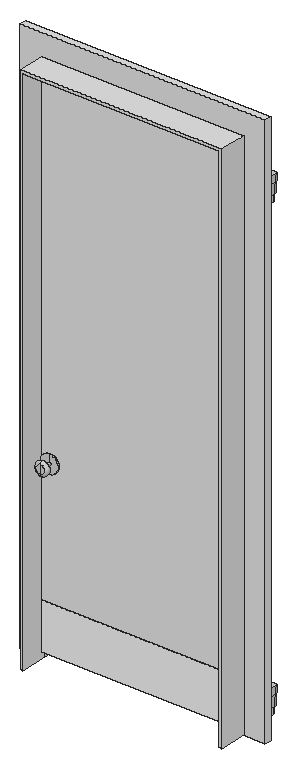
Revit family "Walk_in_Door-ELT_Custom_Coolers-Single_Swing-Left_Hinge", category Doors, host Wall, Revit 2025
Family settings
  Host = Wall
  OmniClass Number = 23.30.10.00
  OmniClass Title = Doors
  Always vertical = Yes
  Cut with Voids When Loaded = No
  Shared = No
  Room Calculation Point = No
Parameters (values of type "47" x 120" Cooler, Jamb Frame")
  URL = "https://eltcoolerdoors.com/"
  Top Latch [instance] = yes
  Thickness = 4"
  Specification = ""
  SpecWizard = ""
  Sales Information = ""
  Rough Width = if(Plug Frame, (Width - 3"), (Width - 1"))  # 46"
  Rough Height = if(Plug Frame, Height, (Height + 1"))  # 121"
  Product Page URL = "https://eltcoolerdoors.com/collections/all/walk-in-cooler-door?grid_list=grid-view"
  Product Data = ""
  Plug Frame = no
  Panel Material = ELT_White Stucco Embossed
  Model = "ELT 47\" x 120\""
  Manufacturer Email = "sales@walkincoolerdoor.com"  # constant formula
  Manufacturer Address = "13770 Nelson st - Detroit MI 48227"  # constant formula
  Manufacturer = "ELT Custom Coolers"  # constant formula
  Kick Plate Height [instance] = 12"
  Jamb Frame = not(Plug Frame)  # yes
  Installation-Fabrication = ""
  Description = "Walk in Swing Cooler Door 47\"x 120\" Prehung with a Retrofit Heated & Jamb Frame for New Construction. Left Hinge"
  Green Building-LEED = ""
  Function = Interior
  Frame Width = 5 1/2"  # constant formula
  Height = 120"
  Wall Closure = By host
  Width = 47"
  Frame Thickness = if(Plug Frame, 2", 1 1/2")  # 1 1/2"
  Frame Material = ELT_White Stucco Embossed
  Define Thermal Properties by = Schematic Type
  Copyright = "© 2024 ARCAT"  # constant formula
  Construction Details = ""
  CAD Details = ""
  Analytic Construction = "<None>"
Types (18): name | Rough Width | Rough Height | Product Page URL | Plug Frame | Model | Jamb Frame | Description | Height | Width | Frame Thickness
  72" x 84" Cooler, Jamb Frame | 71" | 85" | "https://eltcoolerdoors.com/collections/all/walk-in-cooler-door?grid_list=grid-view" | no | "ELT 72\" x 84\"" | yes | "Walk in Swing Cooler Door 72\"x 84\" Prehung with a Retrofit Heated & Jamb Frame for New Construction. Left Hinge" | 84" | 72" | 1 1/2"
  72" x 84" Cooler, Plug Frame | 69" | 84" | "https://eltcoolerdoors.com/collections/all/walk-in-cooler-door?grid_list=grid-view" | yes | "ELT 72\" x 84\"" | no | "Walk in Swing Cooler Door 72\"x 84\" Prehung with a Retrofit Heated & Plug Frame for Replacement applications. Left Hinge" | 84" | 72" | 2"
  60" x 78" Cooler, Jamb Frame | 59" | 79" | "https://eltcoolerdoors.com/collections/all/walk-in-cooler-door?grid_list=grid-view" | no | "ELT 60\" x 78\"" | yes | "Walk in Swing Cooler Door 60\"x 78\" Prehung with a Retrofit Heated & Jamb Frame for New Construction. Left Hinge" | 78" | 60" | 1 1/2"
  60" x 78" Cooler, Plug Frame | 57" | 78" | "https://eltcoolerdoors.com/collections/all/walk-in-cooler-door?grid_list=grid-view" | yes | "ELT 60\" x 78\"" | no | "Walk in Swing Cooler Door 60\"x 78\" Prehung with a Retrofit Heated & Plug Frame for Replacement applications. Left Hinge" | 78" | 60" | 2"
  47" x 78" Cooler, Jamb Frame | 46" | 79" | "https://eltcoolerdoors.com/collections/all/walk-in-cooler-door?grid_list=grid-view" | no | "ELT 47\" x 78\"" | yes | "Walk in Swing Cooler Door 47\"x 78\" Prehung with a Retrofit Heated & Jamb Frame for New Construction. Left Hinge" | 78" | 47" | 1 1/2"
  47" x 78" Cooler, Plug Frame | 44" | 78" | "https://eltcoolerdoors.com/collections/all/walk-in-cooler-door?grid_list=grid-view" | yes | "ELT 47\" x 78\"" | no | "Walk in Swing Cooler Door 47\"x 78\" Prehung with a Retrofit Heated & Plug Frame for Replacement applications. Left Hinge" | 78" | 47" | 2"
  47" x 120" Cooler, Jamb Frame | 46" | 121" | "https://eltcoolerdoors.com/collections/all/walk-in-cooler-door?grid_list=grid-view" | no | "ELT 47\" x 120\"" | yes | "Walk in Swing Cooler Door 47\"x 120\" Prehung with a Retrofit Heated & Jamb Frame for New Construction. Left Hinge" | 120" | 47" | 1 1/2"
  47" x 120" Cooler, Plug Frame | 44" | 120" | "https://eltcoolerdoors.com/collections/all/walk-in-cooler-door?grid_list=grid-view" | yes | "ELT 47\" x 120\"" | no | "Walk in Swing Cooler Door 47\"x 120\" Prehung with a Retrofit Heated & Plug Frame for Replacement applications. Left Hinge" | 120" | 47" | 2"
  36" x 78" Cooler, Jamb Frame | 35" | 79" | "https://eltcoolerdoors.com/collections/all/walk-in-cooler-door?grid_list=grid-view" | no | "ELT 36\" x 78\"" | yes | "Walk in Swing Cooler Door 36\"x 78\" Prehung with a Retrofit Heated & Jamb Frame for New Construction. Left Hinge" | 78" | 36" | 1 1/2"
  36" x 78" Cooler, Plug Frame | 33" | 78" | "https://eltcoolerdoors.com/collections/all/walk-in-cooler-door?grid_list=grid-view" | yes | "ELT 36\" x 78\"" | no | "Walk in Swing Cooler Door 36\"x 78\" Prehung with a Retrofit Heated & Plug Frame for Replacement applications. Left Hinge" | 78" | 36" | 2"
  72" x 84" Freezer, Jamb Frame | 71" | 85" | "https://eltcoolerdoors.com/collections/all/walk-in-freezer-door?grid_list=grid-view" | no | "ELT 72\" x 84\"" | yes | "Walk in Swing Freezer Door 72\"x 84\" Prehung with a Retrofit Heated & Jamb Frame for New Construction. Left Hinge" | 84" | 72" | 1 1/2"
  72" x 84" Freezer, Plug Frame | 69" | 84" | "https://eltcoolerdoors.com/collections/all/walk-in-freezer-door?grid_list=grid-view" | yes | "ELT 72\" x 84\"" | no | "Walk in Swing Freezer Door 72\"x 84\" Prehung with a Retrofit Heated & Plug Frame for Replacement applications. Left Hinge" | 84" | 72" | 2"
  60" x 78" Freezer, Jamb Frame | 59" | 79" | "https://eltcoolerdoors.com/collections/all/walk-in-freezer-door?grid_list=grid-view" | no | "ELT 60\" x 78\"" | yes | "Walk in Swing Freezer Door 60\"x 78\" Prehung with a Retrofit Heated & Jamb Frame for New Construction. Left Hinge" | 78" | 60" | 1 1/2"
  60" x 78" Freezer, Plug Frame | 57" | 78" | "https://eltcoolerdoors.com/collections/all/walk-in-freezer-door?grid_list=grid-view" | yes | "ELT 60\" x 78\"" | no | "Walk in Swing Freezer Door 60\"x 78\" Prehung with a Retrofit Heated & Plug Frame for Replacement applications. Left Hinge" | 78" | 60" | 2"
  47" x 78" Freezer, Jamb Frame | 46" | 79" | "https://eltcoolerdoors.com/collections/all/walk-in-freezer-door?grid_list=grid-view" | no | "ELT 47\" x 78\"" | yes | "Walk in Swing Freezer Door 47\"x 78\" Prehung with a Retrofit Heated & Jamb Frame for New Construction. Left Hinge" | 78" | 47" | 1 1/2"
  47" x 78" Freezer, Plug Frame | 44" | 78" | "https://eltcoolerdoors.com/collections/all/walk-in-freezer-door?grid_list=grid-view" | yes | "ELT 47\" x 78\"" | no | "Walk in Swing Freezer Door 47\"x 78\" Prehung with a Retrofit Heated & Plug Frame for Replacement applications. Left Hinge" | 78" | 47" | 2"
  36" x 78" Freezer, Jamb Frame | 35" | 79" | "https://eltcoolerdoors.com/collections/all/walk-in-freezer-door?grid_list=grid-view" | no | "ELT 36\" x 78\"" | yes | "Walk in Swing Freezer Door 36\"x 78\" Prehung with a Retrofit Heated & Jamb Frame for New Construction. Left Hinge" | 78" | 36" | 1 1/2"
  36" x 78" Freezer, Plug Frame | 33" | 78" | "https://eltcoolerdoors.com/collections/all/walk-in-freezer-door?grid_list=grid-view" | yes | "ELT 36\" x 78\"" | no | "Walk in Swing Freezer Door 36\"x 78\" Prehung with a Retrofit Heated & Plug Frame for Replacement applications. Left Hinge" | 78" | 36" | 2"
Reference planes (in)
  plane 1 "Center (Front/Back)": y = 0
  plane 2 "Center (Left/Right)": x = 0
  plane 3 "Left": x = -23.5
  plane 4 "Right": x = 23.5
  plane 5 "Top": z = 120
  plane 6 "Exterior": y = 3
  plane 7 "Interior": y = -3
  plane 8: x = -23
  plane 9: z = 121
  plane 10: x = 23
  plane 11: z = 125.5
  plane 12: x = 27.5
  plane 13: x = -27.5
  plane 14: y = 4.5
  plane 15: y = 0.375
  plane 16: z = 60
  plane 17: x = 22
  plane 18: x = -22
Forms (in)
  Extrusion 1, solid, material "ELT_White Stucco Embossed" <- "Frame Material"
    sketch origin (-31.32148, 4.5, 48) x (-1, 0, 0) y (0, 0, 1)
      loop
        line (-58.82148, 77.5) -> (-58.82148, -48) -> (-53.32148, -48) -> (-53.32148, 72) -> (-9.32148, 72) -> (-9.32148, -48) -> (-3.82148, -48) -> (-3.82148, 77.5) -> (-58.82148, 77.5)
    from -1.5 to 0
  Extrusion 2, solid, material "ELT_White Stucco Embossed" <- "Frame Material", visible <- "Jamb Frame"
    sketch origin (0, 0, 0) x (1, 0, 0) y (0, 0, 1)
      loop
        line (22.625, 0) -> (22.625, 120.625) -> (-22.625, 120.625) -> (-22.625, 0) -> (-22, 0) -> (-22, 120) -> (22, 120) -> (22, 0) -> (22.625, 0)
    from -3 to 3
Lines and regions (in)
  Opening 1
    outline origin (-90, -3, 0) x (1, 0, 0) y (0, 0, 1)
      loop
        line (67, 0) -> (113, 0) -> (113, 121) -> (67, 121) -> (67, 0)
  Masking region 1
    outline origin (0, 0, 0) x (1, 0, 0) y (0, 1, 0)
      loop
        line (-27.5, 4.5) -> (-27.5, 3) -> (-22, 3) -> (-22, 4.5) -> (-27.5, 4.5)
      loop
        line (22, 4.5) -> (22, 3) -> (27.5, 3) -> (27.5, 4.5) -> (22, 4.5)
  Masking region 2, visible <- "Jamb Frame"
    outline origin (0, 0, 0) x (1, 0, 0) y (0, 1, 0)
      loop
        line (-22, -3) -> (-22, 3) -> (-22.625, 3) -> (-22.625, -3) -> (-22, -3)
      loop
        line (22, 3) -> (22, -3) -> (22.625, -3) -> (22.625, 3) -> (22, 3)
Text (in)
  text "Exterior" at (-74.96733, 27.31104, 0), in view "Ref. Level"
  text "Interior" at (-74.96733, -25.14366, 0), in view "Ref. Level"
  text "Exterior" at (0, 40.15149, 123.01588), in view "Right"
  text "Interior" at (0, -64.39139, 123.01588), in view "Right"
  text "Interior" at (0, -31.01599, 123.00693), in view "Left"
  text "Exterior" at (0, 54.57065, 123.00693), in view "Left"
Dimensions and locks (in)
  "Height": level to plane 5 "Top"
  "Width": plane 3 "Left" to plane 4 "Right"
  "Rough Height": plane 9 to level
  equal spacing: plane 10, plane 2 "Center (Left/Right)", plane 8
  "Rough Width": plane 10 to plane 8
  "Frame Width": plane 17 to plane 12
  "Frame Width": plane 13 to plane 18
  "Frame Thickness": plane 14 to plane 6 "Exterior"
  equal spacing: plane 8, plane 2 "Center (Left/Right)", plane 10
  equal spacing: plane 3 "Left", plane 2 "Center (Left/Right)", plane 4 "Right"
  equal spacing: level, plane 16, plane 5 "Top"
  locked: plane 4 "Right" to plane 12 at 4
  locked: plane 13 to plane 3 "Left" at 4
  "Frame Width": plane 5 "Top" to plane 11
  plane 13 to plane 12 = 55"
  locked: plane 18 to Extrusion 2 sketch curve at 0.625
  locked: plane 17 to Extrusion 2 sketch curve at 0.625
  locked: plane 5 "Top" to Extrusion 2 sketch curve at 0.625
  level to plane 11 = 125 1/2"
  aligned and locked: Opening 1 sketch curve to level
  aligned and locked: plane 6 "Exterior" to host wall
  aligned and locked: plane 7 "Interior" to host wall
  aligned and locked: plane 8 to Opening 1 sketch curve
  aligned and locked: Opening 1 sketch curve to plane 9
  aligned and locked: Opening 1 sketch curve to plane 10
  aligned and locked: Extrusion 1 sketch curve to plane 12
  aligned and locked: plane 11 to Extrusion 1 sketch curve
  aligned and locked: Extrusion 1 sketch curve to plane 13
  aligned and locked: level to Extrusion 1 sketch curve  (x2)
  aligned and locked: plane 6 "Exterior" to Extrusion 1
  aligned and locked: plane 14 to Extrusion 1
  aligned and locked: level to Extrusion 2 sketch curve
  aligned and locked: host wall to Extrusion 2
  aligned and locked: plane 7 "Interior" to Extrusion 2
  aligned and locked: nested 1 to plane 2 "Center (Left/Right)"
  aligned and locked: nested 1 to plane 14
  aligned and locked: plane 16 to nested 1
  aligned and locked: plane 12 to Masking region 1 sketch curve
  aligned and locked: Masking region 1 sketch curve to plane 6 "Exterior"  (x2)
  aligned and locked: Masking region 1 sketch curve to plane 14  (x2)
  aligned and locked: Masking region 1 sketch curve to plane 13
  aligned and locked: Masking region 2 sketch curve to plane 6 "Exterior"
  aligned and locked: plane 6 "Exterior" to Masking region 2 sketch curve
  aligned and locked: plane 7 "Interior" to Masking region 2 sketch curve
  aligned and locked: Masking region 2 sketch curve to plane 7 "Interior"
  aligned and locked: Extrusion 1 sketch curve to plane 18
  aligned and locked: Extrusion 1 sketch curve to plane 17
  aligned and locked: Extrusion 2 sketch curve to plane 18
  aligned and locked: Extrusion 2 sketch curve to plane 17
  aligned and locked: Extrusion 2 sketch curve to plane 5 "Top"
  aligned and locked: Extrusion 1 sketch curve to plane 5 "Top"
  aligned and locked: Masking region 1 sketch curve to plane 18
  aligned and locked: Masking region 1 sketch curve to plane 17
  aligned and locked: Masking region 2 sketch curve to plane 18
  aligned and locked: Masking region 2 sketch curve to Extrusion 2  (x2)
  aligned and locked: Masking region 2 sketch curve to plane 17
Automatic sketch dimensions
  Extrusion 2 sketch curve to level = 0"
Nested families (in)
  nested 1: "Swing Door Panel" at (0, 4.5, 60) x (-1, 0, 0) z (0, 1, 0), Kick Plate Height <- "Kick Plate Height", Panel Material <- "Panel Material", Door Height <- "Height", Door Width <- "Width", Top Latch <- "Top Latch", type "Walk-in Swing Panel Door"
    with Top Latch yes, Panel Material ELT_White Stucco Embossed, Kick Plate Height 12", Hinge 24" no, Hinge 18" yes, Door Width 47", Door Height 120"
Definition of nested family "Swing Door Panel"
  Parameters (values of type "Walk-in Swing Panel Door")
    Top Latch Offset = 9 3/4"  # constant formula
    Top Latch [instance] = yes
    Rough Height = 78"
    Panel Material [instance] = none
    Door Width [instance] = 36"
    Door Height [instance] = 81"
    Kick Plate Height [instance] = 12"
    Hinge 24" [instance] = Door Width > 48"  # no
    Hinge 18" [instance] = Door Width < 48"  # yes
    Door Knob Handle = yes
    Define Thermal Properties by = 1
    Default Elevation = 48"
    Analytic Construction = "<None>"
  Reference planes (in)
    plane 1 "Center (Front/Back)": y = 0
    plane 2: z = 0
    plane 3 "Center (Left/Right)": x = 0
    plane 4: y = -40.5
    plane 5: x = -18
    plane 6: y = 42
    plane 7: y = -40
    plane 8: x = 18
    plane 9: y = -38.5
    plane 10: x = -16
    plane 11: x = 16
    plane 12: y = 40.5
    plane 13: z = -3
    plane 14: z = 1
    plane 15: z = 1.75
    plane 16: y = -28
    plane 17: x = -20.5
    plane 18: z = 2.25
    plane 19: y = -31.75
    plane 20: x = 14
    plane 21: y = 32.25
    plane 22: y = 4.5
    plane 23: y = 0
  Forms (in)
    Extrusion 1, solid, material <- "Panel Material"
      sketch origin (0, 0, 0) x (1, 0, 0) y (0, 1, 0)
        loop
          line (-16, -38.5) -> (16, -38.5) -> (16, 40.5) -> (-16, 40.5) -> (-16, -38.5)
      from 0 to -3
    Extrusion 2, solid, material <- "Panel Material"
      sketch origin (0, 0, 0) x (1, 0, 0) y (0, 1, 0)
        loop
          line (-18, 42) -> (-18, -40) -> (18, -40) -> (18, 42) -> (-18, 42)
      from 0 to 1
    Extrusion 3, solid
      sketch origin (-30.90712, -28, 48) x (-1, 0, 0) y (0, 0, 1)
        loop
          line (-12.90712, -47) -> (-12.90712, -46.96875) -> (-48.90712, -46.96875) -> (-48.90712, -47) -> (-12.90712, -47)
        loop
          line (-14.90712, -51) -> (-46.90712, -51) -> (-46.90712, -51.03125) -> (-14.90712, -51.03125) -> (-14.90712, -51)
      from 0 to -12
    Extrusion 4, void
      sketch origin (0, 0, 0) x (0, 1, 0) y (0, 0, 1)
        loop
          line (-38.5, -3.03125) -> (-38.5, -3) -> (-40, -3) -> (-40, -3.03125) -> (-38.5, -3.03125)
      from -16 to 16
    Revolve 5, solid, visible <- "Door Knob Handle"
      sketch origin (14, 10.88095, 48) x (0, 1, 0) y (0, 0, 1)
        loop
          line (-10.88095, -51) -> (-12.88095, -51) -> (-12.88095, -51.25) -> (-11.13095, -51.25) -> (-11.13095, -52.75) -> (-11.88095, -52.75)
          arc (-11.88095, -52.75) -> (-12.38095, -53.25) -> (-11.88095, -53.75) r 0.5
          line (-11.88095, -53.75) -> (-10.88095, -53.75) -> (-10.88095, -51)
        axis (-10.88095, -51) -> (-10.88095, -53.75)
      angle from 0 to 360
    Extrusion 6, solid
      sketch origin (-19.75, 54.34998, 1) x (0, 1, 0) y (-1, 0, 0)
        loop
          line (-51.59998, -38.75) -> (-51.59998, -40.75) -> (-48.09998, -40.75) -> (-48.09998, -38.75) -> (-51.59998, -38.75)
      from -1 to 0.25
    Extrusion 7, solid
      sketch origin (0, 0, 0) x (1, 0, 0) y (0, 0, 1)
        loop
          line (18.5, 1) -> (18.5, 0) -> (21.375, 0) -> (21.375, 2.25) -> (19.25, 2.25) -> (19.25, 2) -> (21.1259, 2) -> (21.1259, 1) -> (18.5, 1)
      from -33.5 to -31
    Extrusion 8, solid
      sketch origin (0, 0, 0) x (1, 0, 0) y (0, 0, 1)
        loop
          line (20.5, 1) -> (20.5, 1.75) -> (17.5, 1.75) -> (17.5, 2.5) -> (11.5, 2.5) -> (11.5, 1) -> (20.5, 1)
      from -33 to -31.5
  Cuts and joins
    joined: Extrusion 1, Extrusion 2
    Extrusion 4 cuts Extrusion 3
  Lines and regions (in)
    Masking region 1
      outline origin (0, 0, 0) x (1, 0, 0) y (0, 0, 1)
        loop
          line (-18, 1) -> (-18, 0) -> (-16, 0) -> (-16, -3) -> (16, -3) -> (16, 0) -> (18, 0) -> (18, 1) -> (-18, 1)
    symbolic lines
      curve 1: line (-18, 0, 0) -> (18, 42, 0)
      curve 2: line (-18, 0, 0) -> (18, -40, 0)
      curve 3: arc (18, 0, 2.25) -> (6.72361, 0, 29.47361) -> (-20.5, 0, 40.75) r 38.5
      curve 4: line (-20.5, 0, 2.25) -> (-20.5, 0, 40.75)
      curve 5: line (-16, 0, 0) -> (16, 0, 0)
      curve 6: line (18, 0, 2.25) -> (18, 0, 1)
  Dimensions and locks (in)
    equal spacing: plane 12, plane 1 "Center (Front/Back)", plane 4
    "Door Height": plane 12 to plane 4
    equal spacing: plane 5, plane 3 "Center (Left/Right)", plane 8
    "Door Width": plane 5 to plane 8
    locked: plane 7 to plane 4 at 0.5
    locked: plane 6 to plane 12 at 1.5
    locked: plane 11 to plane 8 at 2
    locked: plane 5 to plane 10 at 2
    locked: plane 9 to plane 7 at 1.5
    locked: plane 14 to plane 2 at 1
    locked: plane 14 to plane 13 at 4
    locked: plane 15 to plane 14 at 0.75
    "Kick Plate Height": plane 16 to plane 7
    locked: Extrusion 3 sketch curve to plane 14 at 0.03125
    locked: plane 13 to Extrusion 3 sketch curve at 0.03125
    locked: plane 17 to plane 5 at 2.5
    locked: plane 19 to plane 4 at 8.75
    locked: plane 18 to plane 2 at 2.25
    Revolve 5 sketch curve to Revolve 5 sketch curve to Revolve 5 sketch curve to plane 13 = 1", 1 1/2", 1/4"
    plane 20 to plane 8 = 4"
    locked: plane 6 to plane 21 at 9.75
    plane 22 to plane 4 = 45"
    locked: Extrusion 6 sketch curve to Extrusion 6 sketch curve at 3.5
    equal spacing: Extrusion 6 sketch curve, plane 22, Extrusion 6 sketch curve
    plane 8 to Extrusion 6 sketch curve to Extrusion 6 sketch curve = 1" locked, 2" locked
    Extrusion 7 sketch curve to Extrusion 7 sketch curve to Extrusion 7 sketch curve = 0.2491" locked, 1.8759" locked
    plane 18 to Extrusion 7 sketch curve = 1/4"
    locked: plane 8 to Extrusion 7 sketch curve at 0.5
    Extrusion 8 sketch curve to Extrusion 8 sketch curve to Extrusion 8 sketch curve = 3" locked, 6"
    locked: Extrusion 8 sketch curve to plane 8 at 0.5
    locked: Extrusion 8 sketch curve to plane 14 at 1.5
    equal spacing: Extrusion 8, plane 21, Extrusion 8
    locked: Extrusion 8 to Extrusion 8 at 1.5
    equal spacing: Extrusion 7, plane 21, Extrusion 7
    locked: Extrusion 7 to Extrusion 7 at 2.5
    locked: plane 23 to plane 4 at 40.5
    plane 23 to Revolve 5 sketch curve to Revolve 5 sketch curve to Revolve 5 sketch curve = 1/4" locked, 3/4" locked, 1" locked
    aligned and locked: plane 2 to level
    aligned and locked: Extrusion 1 sketch curve to plane 9
    aligned and locked: Extrusion 1 sketch curve to plane 10
    aligned and locked: Extrusion 1 sketch curve to plane 11
    aligned and locked: Extrusion 1 sketch curve to plane 12
    aligned and locked: Extrusion 1 to plane 13
    aligned and locked: Extrusion 2 sketch curve to plane 6
    aligned and locked: plane 8 to Extrusion 2 sketch curve
    aligned and locked: Extrusion 2 sketch curve to plane 5
    aligned and locked: Extrusion 2 sketch curve to plane 7
    aligned and locked: Extrusion 2 to plane 2
    aligned and locked: plane 14 to Extrusion 2
    aligned and locked: plane 1 "Center (Front/Back)" to curve 2
    aligned and locked: plane 5 to curve 2
    aligned and locked: plane 7 to curve 2
    aligned and locked: plane 8 to curve 2
    aligned and locked: plane 8 to curve 1
    aligned and locked: plane 6 to curve 1
    aligned and locked: Extrusion 3 sketch curve to plane 14
    aligned and locked: Extrusion 3 sketch curve to plane 5
    aligned and locked: plane 8 to Extrusion 3 sketch curve
    aligned and locked: Extrusion 3 sketch curve to plane 10
    aligned and locked: Extrusion 3 sketch curve to plane 11
    aligned and locked: Extrusion 3 sketch curve to plane 13
    aligned and locked: Extrusion 3 to plane 7
    aligned and locked: plane 9 to Extrusion 4 sketch curve
    aligned and locked: plane 7 to Extrusion 4 sketch curve
    aligned and locked: plane 13 to Extrusion 4 sketch curve
    aligned and locked: Extrusion 4 sketch curve to Extrusion 3
    aligned and locked: Extrusion 4 to plane 10
    aligned and locked: plane 11 to Extrusion 4
    aligned and locked: nested 1 to plane 17
    aligned and locked: nested 2 to plane 17
    aligned and locked: curve 4 to plane 17
    aligned and locked: plane 18 to curve 4
    aligned and locked: plane 18 to curve 3
    aligned and locked: nested 2 to plane 19
    aligned and locked: nested 4 to plane 17
    aligned and locked: nested 3 to plane 17
    aligned and locked: nested 4 to plane 19
    aligned and locked: plane 13 to Revolve 5 sketch curve
    aligned and locked: nested 5 to plane 8
    aligned and locked: Masking region 1 sketch curve to plane 5
    aligned and locked: Masking region 1 sketch curve to plane 10
    aligned and locked: Masking region 1 sketch curve to plane 2
    aligned and locked: Masking region 1 sketch curve to plane 13
    aligned and locked: Masking region 1 sketch curve to plane 11
    aligned and locked: plane 8 to Masking region 1 sketch curve
    aligned and locked: Masking region 1 sketch curve to plane 14
    aligned and locked: curve 5 to plane 2
    aligned and locked: plane 10 to curve 5
    aligned and locked: plane 11 to curve 5
    aligned and locked: plane 8 to curve 6
    aligned and locked: plane 14 to curve 6
    aligned and locked: nested 6 to plane 1 "Center (Front/Back)"
    aligned and locked: nested 6 to plane 17
    aligned and locked: plane 21 to nested 3
    aligned and locked: plane 21 to nested 1
    aligned and locked: plane 2 to Extrusion 7 sketch curve
    aligned and locked: plane 18 to Extrusion 7 sketch curve
    aligned and locked: plane 14 to Extrusion 7 sketch curve
    aligned and locked: plane 14 to Extrusion 8 sketch curve
    aligned and locked: Extrusion 8 sketch curve to plane 15
    aligned and locked: plane 23 to nested 5
    aligned and locked: plane 23 to Revolve 5 sketch curve  (x2)
  Automatic sketch dimensions
    Masking region 1 sketch curve to level = 0"
    Revolve 5 sketch curve to Revolve 5 sketch curve = 18 1/4"
    plane 18 to Revolve 5 sketch curve = 90.02586"
    Extrusion 7 sketch curve to plane 8 = 1 1/4"
  Nested families (in)
    nested 1: "Spring Assisted Hinge" at (-20.5, 32.25, 0) x (-1, 0, 0) z (0, 0, 1), visible <- "Hinge 18"", type "18in"
    nested 2: "Spring Assisted Hinge" at (-20.5, -31.75, 0) x (-1, 0, 0) z (0, 0, 1), visible <- "Hinge 18"", type "18in"
    nested 3: "Spring Assisted Hinge" at (-20.5, 32.25, 0) x (-1, 0, 0) z (0, 0, 1), visible <- "Hinge 24"", type "24in"
    nested 4: "Spring Assisted Hinge" at (-20.5, -31.75, 0) x (-1, 0, 0) z (0, 0, 1), visible <- "Hinge 24"", type "24in"
    nested 5: "Radial Latch" at (19.07813, 0, 0) x (-1, 0, 0) z (0, 0, 1), type "Radial Latch"
    nested 6: "Spring Assisted Hinge" at (-20.5, 0, 0) x (-1, 0, 0) z (0, 0, 1), visible <- "Hinge 24"", type "24in"
  Definition of nested family "Spring Assisted Hinge"
    Parameters (values of type "18in")
      Hinge Length = 9"
      Default Elevation = 0"
    Types (2): name | Hinge Length
      24in | 24"
      18in | 9"
    Reference planes (in)
      plane 1 "Center (Front/Back)": y = 0
      plane 2: z = 0
      plane 3 "Center (Left/Right)": x = 0
      plane 4: y = 1.4375
      plane 5: y = -1.4375
      plane 6: x = -9
      plane 7: z = 1
      plane 8: x = 1.21875
      plane 9: x = -1.21875
      plane 10: z = 2.25
      plane 11: y = 1.5625
      plane 12: y = -4.09375
      plane 13: x = -4.14241
    Forms (in)
      Extrusion 1, solid
        sketch origin (0, 0, 0) x (1, 0, 0) y (0, 0, 1)
          loop
            line (-1.96875, 1) -> (-0.93797, 1.58327)
            arc (-0.93797, 1.58327) -> (-0.79164, 1.64278) -> (-0.63497, 1.66306) r 0.61526
            line (-0.63497, 1.66306) -> (0, 1.66306)
            arc (0, 1.66306) -> (0.55267, 2.44762) -> (-0.37217, 2.70386) r 0.58694
            line (-0.37217, 2.70386) -> (-1.67496, 1.96667)
            arc (-1.67496, 1.96667) -> (-2.1994, 1.69367) -> (-2.78073, 1.58592) r 2
            line (-2.78073, 1.58592) -> (-9, 1.36328) -> (-9, 1) -> (-1.96875, 1)
        from -1.66296 to 1.72621
      Extrusion 2, void
        sketch origin (0, 0, 0) x (1, 0, 0) y (0, 1, 0)
          loop
            line (-4.14241, 1.4375) -> (-2.01822, 1.4375)
            arc (-2.01822, 1.4375) -> (-1.60354, 1.34039) -> (-1.2751, 1.06926) r 0.93394
            arc (-1.2751, 1.06926) -> (-1.04068, 0.83552) -> (-0.72089, 0.75) r 0.64066
            line (-0.72089, 0.75) -> (1.21875, 0.75) -> (1.21875, 1.88338) -> (-9.48148, 1.88338) -> (-9.48148, -1.88338) -> (1.21875, -1.88338) -> (1.21875, -0.75) -> (-0.72089, -0.75)
            arc (-0.72089, -0.75) -> (-0.99864, -0.81334) -> (-1.22147, -0.99082) r 0.64066
            arc (-1.22147, -0.99082) -> (-1.56151, -1.31821) -> (-2.01822, -1.4375) r 0.93394
            line (-2.01822, -1.4375) -> (-4.14241, -1.4375)
            arc (-4.14241, -1.4375) -> (-6.59293, -1.26043) -> (-9, -0.76808) r 18.96618
            line (-9, -0.76808) -> (-9, 0.76808)
            arc (-9, 0.76808) -> (-6.59293, 1.26043) -> (-4.14241, 1.4375) r 18.96618
        from 0 to 3.36309
      Extrusion 3, solid
        sketch origin (0, 0, 0) x (1, 0, 0) y (0, 1, 0)
          loop
            arc (1.23297, -2.68633) -> (1.15513, -0.72306) -> (0.95784, 1.23182) r 32.2361
            arc (0.95784, 1.23182) -> (0.83149, 1.46812) -> (0.58071, 1.5625) r 0.38039
            line (0.58071, 1.5625) -> (-0.58071, 1.5625)
            arc (-0.58071, 1.5625) -> (-0.83149, 1.46812) -> (-0.95784, 1.23182) r 0.38039
            arc (-0.95784, 1.23182) -> (-1.15517, -0.72364) -> (-1.23298, -2.6875) r 32.2361
            line (-1.23298, -2.6875) -> (-1.23298, -3.44903)
            arc (-1.23298, -3.44903) -> (-1.04414, -3.90492) -> (-0.58826, -4.09375) r 0.64472
            line (-0.58826, -4.09375) -> (0.58826, -4.09375)
            arc (0.58826, -4.09375) -> (1.04413, -3.90492) -> (1.23297, -3.44904) r 0.64471
            line (1.23297, -3.44904) -> (1.23297, -2.68633)
        from 0 to 0.33203
      Extrusion 4, solid
        sketch origin (0, 0, 0) x (1, 0, 0) y (0, 0, 1)
          loop
            arc (0.66382, 2.5) -> (0, 3.16382) -> (-0.66382, 2.5) r 0.66382
            line (-0.66382, 2.5) -> (-0.66382, 0) -> (0.66382, 0) -> (0.66382, 2.5)
        from -0.75 to 0.75
      Revolve 5, solid
        sketch origin (2.55993, -180, 2.25) x (0, -1, 0) y (1, 0, 0)
          loop
            line (-180, -2.55993) -> (-180, -2.98388) -> (-175.21051, -2.98388) -> (-175.21051, -2.55993) -> (-180, -2.55993)
          axis (-180, -2.55993) -> (-175.21051, -2.55993)
        angle from 0 to 360
      Extrusion 6, solid
        sketch origin (0, 0, 0) x (1, 0, 0) y (0, 0, 1)
          loop
            line (-0.66382, 0) -> (0.66382, 0) -> (0.66382, 2.25)
            arc (0.66382, 2.25) -> (0, 2.91382) -> (-0.66382, 2.25) r 0.66382
            line (-0.66382, 2.25) -> (-0.66382, 0)
        from 0.93733 to 3.13311
    Cuts and joins
      Extrusion 2 cuts Extrusion 1
      joined: Extrusion 1, Extrusion 3, Extrusion 4, Revolve 5, Extrusion 6
    Lines and regions (in)
      Masking region 1
        outline origin (0, 0, 0) x (1, 0, 0) y (0, 0, 1)
          loop
            line (-9, 1.36328) -> (-9, 1) -> (-1.96875, 1) -> (-0.66382, 1.7384) -> (-0.66382, 0.33203) -> (-1.21875, 0.33203) -> (-1.21875, 0) -> (1.21875, 0) -> (1.21875, 0.33203) -> (0.66382, 0.33203) -> (0.66382, 2.25)
            arc (0.66382, 2.25) -> (0.1779, 2.88954) -> (-0.56847, 2.59279) r 0.66382
            line (-0.56847, 2.59279) -> (-2.31859, 1.60247) -> (-9, 1.36328)
      Masking region 2
        outline origin (0, 0, 0) x (1, 0, 0) y (0, 1, 0)
          loop
            line (-9, 0.76808) -> (-9, -0.76808)
            arc (-9, -0.76808) -> (-6.59293, -1.26043) -> (-4.14241, -1.4375) r 18.96618
            line (-4.14241, -1.4375) -> (-2.01822, -1.4375)
            arc (-2.01822, -1.4375) -> (-1.56151, -1.31821) -> (-1.22147, -0.99082) r 0.93394
            arc (-1.22147, -0.99082) -> (-0.99864, -0.81334) -> (-0.72089, -0.75) r 0.64066
            line (-0.72089, -0.75) -> (0.66382, -0.75) -> (0.66382, 0.75) -> (-0.72089, 0.75)
            arc (-0.72089, 0.75) -> (-1.04068, 0.83552) -> (-1.2751, 1.06926) r 0.64066
            arc (-1.2751, 1.06926) -> (-1.60354, 1.34039) -> (-2.01822, 1.4375) r 0.93394
            line (-2.01822, 1.4375) -> (-4.14241, 1.4375)
            arc (-4.14241, 1.4375) -> (-6.59293, 1.26043) -> (-9, 0.76808) r 18.96618
      Masking region 3
        outline origin (0, 0, 0) x (1, 0, 0) y (0, 1, 0)
          loop
            line (0.58071, 1.5625) -> (-0.58071, 1.5625)
            arc (-0.58071, 1.5625) -> (-0.83149, 1.46812) -> (-0.95784, 1.23182) r 0.38039
            arc (-0.95784, 1.23182) -> (-0.98437, 1.02536) -> (-1.00958, 0.81873) r 32.2361
            arc (-1.00958, 0.81873) -> (-0.86927, 0.76742) -> (-0.72089, 0.75) r 0.64066
            line (-0.72089, 0.75) -> (0.66382, 0.75) -> (0.66382, -0.75) -> (-0.72089, -0.75)
            arc (-0.72089, -0.75) -> (-0.96299, -0.7975) -> (-1.16918, -0.93297) r 0.64066
            arc (-1.16918, -0.93297) -> (-1.21303, -1.8098) -> (-1.23298, -2.6875) r 32.2361
            line (-1.23298, -2.6875) -> (-1.23298, -3.44903)
            arc (-1.23298, -3.44903) -> (-1.04414, -3.90492) -> (-0.58826, -4.09375) r 0.64472
            line (-0.58826, -4.09375) -> (-0.42395, -4.09375) -> (-0.42395, -4.78949) -> (0.42395, -4.78949) -> (0.42395, -4.09375) -> (0.58826, -4.09375)
            arc (0.58826, -4.09375) -> (1.04413, -3.90492) -> (1.23297, -3.44904) r 0.64471
            line (1.23297, -3.44904) -> (1.23297, -2.68633)
            arc (1.23297, -2.68633) -> (1.15513, -0.72306) -> (0.95784, 1.23182) r 32.2361
            arc (0.95784, 1.23182) -> (0.83149, 1.46812) -> (0.58071, 1.5625) r 0.38039
      symbolic lines
        curve 1: arc (-0.42395, 0, 2.25) -> (0, 0, 1.82605) -> (0.42395, 0, 2.25) r 0.42395
        curve 2: arc (0.42395, 0, 2.25) -> (0, 0, 2.67395) -> (-0.42395, 0, 2.25) r 0.42395
        curve 3: line (1.23297, 0, 0.33203) -> (-1.23298, 0, 0.33203)
        curve 4: line (-0.66382, -3.13311, 0) -> (0.66382, -3.13311, 0)
        curve 5: line (-0.66382, -0.93733, 0) -> (-0.66382, -3.13311, 0)
        curve 6: line (0.66382, -0.93733, 0) -> (-0.66382, -0.93733, 0)
        curve 7: line (0.66382, -3.13311, 0) -> (0.66382, -0.93733, 0)
        curve 8: line (-0.42395, -4.09375, 0) -> (-0.42395, -3.13311, 0)
        curve 9: line (0.42395, -4.09375, 0) -> (0.42395, -3.13311, 0)
        curve 10: line (-0.42395, -0.75, 0) -> (-0.42395, -0.93733, 0)
        curve 11: line (0.42395, -0.75, 0) -> (0.42395, -0.93733, 0)
    Dimensions and locks (in)
      locked: plane 4 to plane 5 at 2.875
      equal spacing: plane 4, plane 1 "Center (Front/Back)", plane 5
      locked: plane 7 to level at 1
      equal spacing: plane 9, plane 3 "Center (Left/Right)", plane 8
      locked: plane 10 to plane 2 at 2.25
      plane 11 to plane 1 "Center (Front/Back)" = 1 9/16"
      plane 12 to plane 11 = 5 21/32"
      locked: Extrusion 4 sketch curve to plane 10 at 0.25
      locked: Extrusion 4 sketch curve to plane 3 "Center (Left/Right)" at 0.66382
      "Hinge Length": plane 6 to plane 3 "Center (Left/Right)"
      locked: Extrusion 2 sketch curve to plane 6 at 0.48148
      locked: plane 6 to plane 13 at 4.85759
      Extrusion 2 sketch curve to plane 1 "Center (Front/Back)" to Extrusion 2 sketch curve = 0.76808" locked, 0.76808" locked
      aligned and locked: plane 2 to level
      aligned and locked: Extrusion 1 sketch curve to plane 6
      aligned and locked: Extrusion 2 sketch curve to plane 4
      aligned and locked: Extrusion 2 sketch curve to plane 8  (x2)
      aligned and locked: Extrusion 3 sketch curve to plane 11
      aligned and locked: Extrusion 4 sketch curve to plane 2
      aligned and locked: plane 3 "Center (Left/Right)" to Extrusion 4 sketch curve
      aligned and locked: Revolve 5 sketch curve to plane 3 "Center (Left/Right)"  (x2)
      aligned and locked: Extrusion 6 sketch curve to plane 2
      aligned and locked: Extrusion 6 sketch curve to cut or joined group of Extrusion 1, Extrusion 2, Extrusion 3, Extrusion 4, Revolve 5, Extrusion 6  (x2)
      aligned and locked: Extrusion 3 sketch curve to plane 12
      aligned and locked: plane 1 "Center (Front/Back)" to Revolve 5 sketch curve
      aligned and locked: plane 3 "Center (Left/Right)" to Extrusion 6 sketch curve
      aligned and locked: plane 10 to Extrusion 6 sketch curve
      aligned and locked: Masking region 1 sketch curve to plane 6
      aligned and locked: Masking region 1 sketch curve to plane 2
      aligned and locked: Masking region 1 sketch curve to plane 8
      aligned and locked: plane 9 to Masking region 1 sketch curve
      aligned and locked: cut or joined group of Extrusion 1, Extrusion 2, Extrusion 3, Extrusion 4, Revolve 5, Extrusion 6 to Masking region 1 sketch curve
      aligned and locked: Masking region 1 sketch curve to cut or joined group of Extrusion 1, Extrusion 2, Extrusion 3, Extrusion 4, Revolve 5, Extrusion 6  (x5)
      aligned and locked: Masking region 1 sketch curve to plane 7
      aligned and locked: curve 1 to cut or joined group of Extrusion 1, Extrusion 2, Extrusion 3, Extrusion 4, Revolve 5, Extrusion 6
      aligned and locked: curve 2 to cut or joined group of Extrusion 1, Extrusion 2, Extrusion 3, Extrusion 4, Revolve 5, Extrusion 6
      aligned and locked: curve 3 to cut or joined group of Extrusion 1, Extrusion 2, Extrusion 3, Extrusion 4, Revolve 5, Extrusion 6
      aligned and locked: Extrusion 2 sketch curve to plane 5
      aligned and locked: plane 13 to Extrusion 2 sketch curve  (x2)
      aligned and locked: plane 6 to Extrusion 2 sketch curve  (x2)
      aligned and locked: Masking region 2 sketch curve to plane 6
      aligned and locked: Masking region 2 sketch curve to cut or joined group of Extrusion 1, Extrusion 2, Extrusion 3, Extrusion 4, Revolve 5, Extrusion 6  (x8)
      aligned and locked: Masking region 2 sketch curve to plane 5
      aligned and locked: Masking region 2 sketch curve to plane 4
      aligned and locked: Masking region 3 sketch curve to cut or joined group of Extrusion 1, Extrusion 2, Extrusion 3, Extrusion 4, Revolve 5, Extrusion 6  (x13)
      aligned and locked: curve 4 to cut or joined group of Extrusion 1, Extrusion 2, Extrusion 3, Extrusion 4, Revolve 5, Extrusion 6
      aligned and locked: curve 5 to cut or joined group of Extrusion 1, Extrusion 2, Extrusion 3, Extrusion 4, Revolve 5, Extrusion 6
      aligned and locked: curve 6 to cut or joined group of Extrusion 1, Extrusion 2, Extrusion 3, Extrusion 4, Revolve 5, Extrusion 6
      aligned and locked: curve 7 to cut or joined group of Extrusion 1, Extrusion 2, Extrusion 3, Extrusion 4, Revolve 5, Extrusion 6
    Automatic sketch dimensions
      Extrusion 1 sketch curve to plane 7 = 0"
      Extrusion 1 sketch curve to plane 3 "Center (Left/Right)" = 0"
      Extrusion 1 sketch curve to plane 10 = 0"
      plane 9 to Extrusion 1 sketch curve = 1.63178"
      Extrusion 1 sketch curve to plane 7 = 75/128"
      plane 9 to Extrusion 1 sketch curve = 1.56198"
      plane 9 to Extrusion 1 sketch curve = 3/4"
      plane 10 to Extrusion 1 sketch curve = 0.28333"
      Extrusion 1 sketch curve to Extrusion 1 sketch curve = 0.29379"
      Extrusion 1 sketch curve to plane 9 = 0.28078"
      Extrusion 1 sketch curve to Extrusion 1 sketch curve = 0.303"
      Extrusion 1 sketch curve to plane 3 "Center (Left/Right)" = 0.37217"
      Extrusion 1 sketch curve to plane 7 = 0.0478"
      Extrusion 1 sketch curve to Extrusion 1 sketch curve = 93/256"
      Extrusion 1 sketch curve to plane 7 = 0.58327"
      Revolve 5 sketch curve to plane 4 = 1 7/16"
      Revolve 5 sketch curve to Revolve 5 sketch curve = 55.24843"
      Revolve 5 sketch curve to plane 3 "Center (Left/Right)" = 0.42395"
      Revolve 5 sketch curve to plane 5 = 3.35199"
      plane 12 to Extrusion 3 sketch curve = 1.11265"  (x2)
      plane 3 "Center (Left/Right)" to plane 3 "Center (Left/Right)" = 0"
      plane 9 to Extrusion 3 sketch curve = 0.01423"
      Extrusion 3 sketch curve to plane 3 "Center (Left/Right)" = 0.58826"
      Extrusion 3 sketch curve to plane 3 "Center (Left/Right)" = 0.58071"
      Extrusion 3 sketch curve to plane 4 = 0.25539"  (x2)
      plane 3 "Center (Left/Right)" to Extrusion 3 sketch curve = 0.58071"
      plane 3 "Center (Left/Right)" to Extrusion 3 sketch curve = 0.58826"
      plane 3 "Center (Left/Right)" to Extrusion 3 sketch curve = 1.23297"
      Extrusion 3 sketch curve to Extrusion 3 sketch curve = 0.76153"
      Extrusion 3 sketch curve to Extrusion 3 sketch curve = 0"
      plane 8 to Extrusion 3 sketch curve = 0.01422"
      Masking region 1 sketch curve to Masking region 1 sketch curve = 0"
      Masking region 1 sketch curve to plane 9 = 0.55493"
      plane 9 to curve 3 = 0.01423"
      plane 8 to curve 3 = 0.01422"
      plane 3 "Center (Left/Right)" to plane 9 = 1 7/32"  (x2)
      plane 9 to Extrusion 2 sketch curve = 0.79947"
      plane 5 to Extrusion 2 sketch curve = 0.04684"
      Extrusion 2 sketch curve to plane 9 = 0.49786"  (x2)
      Extrusion 2 sketch curve to plane 4 = 0.04684"
      Extrusion 2 sketch curve to plane 5 = 0.44588"
      Extrusion 2 sketch curve to Extrusion 2 sketch curve = 0.64066"
      plane 1 "Center (Front/Back)" to Extrusion 2 sketch curve = 0.50356"
      Extrusion 2 sketch curve to plane 1 "Center (Front/Back)" = 0.50356"
      Extrusion 2 sketch curve to plane 1 "Center (Front/Back)" = 3/4"
      plane 4 to Extrusion 2 sketch curve = 0.44588"
      plane 9 to Extrusion 2 sketch curve = 0.00272"
      plane 13 to Extrusion 2 sketch curve = 0.13874"  (x2)
      Masking region 3 sketch curve to plane 3 "Center (Left/Right)" = 0.42395"
      Masking region 3 sketch curve to Masking region 3 sketch curve = 0.16431"
      curve 6 to plane 9 = 0.55493"
      curve 4 to plane 8 = 0.55493"
      curve 5 to plane 5 = 1.69561"
      plane 5 to curve 6 = 0.50017"
      curve 5 to curve 10 = 0.23987"
      curve 4 to curve 8 = 0.23987"
      curve 11 to curve 6 = 0.23987"
      plane 3 "Center (Left/Right)" to curve 9 = 0.42395"
      curve 8 to curve 8 = 0.96064"
      curve 8 to curve 9 = 0"
      curve 11 to curve 11 = 0.18733"
      curve 10 to curve 10 = 0.18733"
  Definition of nested family "Radial Latch"
    Parameters (values of type "Radial Latch")
      Default Elevation = 0"
    Reference planes (in)
      plane 1 "Center (Front/Back)": y = 0
      plane 2: z = 0
      plane 3 "Center (Left/Right)": x = 0
      plane 4: y = 1.40625
      plane 5: y = -1.40625
      plane 6: x = -1.89062
      plane 7: y = 1.47656
      plane 8: y = -1.47656
      plane 9: y = 0.625
      plane 10: y = -0.625
      plane 11: z = 1
      plane 12: z = 1.33333
    Forms (in)
      Extrusion 1, solid
        sketch origin (0, 0, 0) x (1, 0, 0) y (0, 1, 0)
          loop
            arc (0, 1.13837) -> (-0.09906, 1.37751) -> (-0.3382, 1.47656) r 0.3382
            line (-0.3382, 1.47656) -> (-1.89062, 1.47656) -> (-1.89062, -1.47656) -> (-0.3382, -1.47656)
            arc (-0.3382, -1.47656) -> (-0.09906, -1.37751) -> (0, -1.13837) r 0.3382
            line (0, -1.13837) -> (0, 1.13837)
        from 0 to 0.33203
      Extrusion 2, solid
        sketch origin (0, 0, 0.25) x (1, 0, 0) y (0, 0, 1)
          loop
            arc (1.47206, 2.74571) -> (1.25031, 2.65725) -> (1.15036, 2.44043) r 0.32214
            line (1.15036, 2.44043) -> (1.14058, 2.275)
            arc (1.14058, 2.275) -> (0.7146, 2.09868) -> (0.39577, 1.76569) r 1.11975
            line (0.39577, 1.76569) -> (1.07813, 1.08333) -> (7.28125, 1.08333) -> (7.22286, 2.17732)
            arc (7.22286, 2.17732) -> (9.12895, 2.28369) -> (11.02027, 2.02415) r 9.952
            arc (11.02027, 2.02415) -> (11.14374, 1.7373) -> (11.39063, 1.92855) r 0.19752
            line (11.39063, 1.92855) -> (11.39063, 2.26963)
            arc (11.39063, 2.26963) -> (9.70595, 2.59033) -> (7.99808, 2.74571) r 17.6177
            line (7.99808, 2.74571) -> (1.47206, 2.74571)
          loop
            line (0, 2.06555) -> (0.52581, 2.06555)
            arc (0.52581, 2.06555) -> (0.72053, 2.1462) -> (0.80119, 2.34093) r 0.27538
            arc (0.80119, 2.34093) -> (0.46258, 2.67051) -> (0, 2.76693) r 0.84551
            line (0, 2.76693) -> (-1.06412, 2.76693) -> (-1.06412, 0.08203) -> (0, 0.08203) -> (0, 2.06555)
        from -0.625 to 0.625
      Extrusion 3, solid
        sketch origin (1, 0, 0) x (1, 0, 0) y (0, 1, 0)
          loop
            line (0.07813, 1.40625) -> (0.07813, -1.40625) -> (5.45152, -1.40625)
            arc (5.45152, -1.40625) -> (5.55717, -1.38283) -> (5.64303, -1.31695) r 0.25
            line (5.64303, -1.31695) -> (6.28125, -0.55634) -> (6.28125, 0.55634) -> (5.64303, 1.31695)
            arc (5.64303, 1.31695) -> (5.55717, 1.38283) -> (5.45152, 1.40625) r 0.25
            line (5.45152, 1.40625) -> (0.07813, 1.40625)
        from 1 to 1.33333
    Lines and regions (in)
      Masking region 1
        outline origin (0, 0, 0) x (1, 0, 0) y (0, 1, 0)
          loop
            line (-1.89062, 1.47656) -> (-1.89062, -1.47656) -> (-0.3382, -1.47656)
            arc (-0.3382, -1.47656) -> (-0.09906, -1.37751) -> (0, -1.13837) r 0.3382
            line (0, -1.13837) -> (0, -0.625) -> (1.07813, -0.625) -> (1.07813, -1.40625) -> (6.56809, -1.40625) -> (7.22364, -0.625) -> (11.39063, -0.625) -> (11.39063, 0.625) -> (7.22364, 0.625) -> (6.56809, 1.40625) -> (1.07813, 1.40625) -> (1.07813, 0.625) -> (0, 0.625) -> (0, 1.13837)
            arc (0, 1.13837) -> (-0.09906, 1.37751) -> (-0.3382, 1.47656) r 0.3382
            line (-0.3382, 1.47656) -> (-1.89062, 1.47656)
      Masking region 2
        outline origin (0, 0, 0) x (0, 1, 0) y (0, 0, 1)
          loop
            line (1.40625, 1) -> (1.40625, 1.33333) -> (0.625, 1.33333) -> (0.625, 3.01693) -> (-0.625, 3.01693) -> (-0.625, 1.33333) -> (-1.40625, 1.33333) -> (-1.40625, 1) -> (1.40625, 1)
      symbolic lines
        curve 1: circle (2.25, 0, 0) r 0.5 normal (0, 0, 1)
        curve 2: line (-1.06412, 0.625, 0) -> (-1.06412, -0.625, 0)
        curve 3: line (-1.06412, -0.625, 0) -> (7.22364, -0.625, 0)
        curve 4: line (-1.06412, 0.625, 0) -> (7.22364, 0.625, 0)
        curve 5: line (0, 0.625, 1.33333) -> (0, -0.625, 1.33333)
    Dimensions and locks (in)
      locked: plane 4 to plane 5 at 2.8125
      equal spacing: plane 4, plane 1 "Center (Front/Back)", plane 5
      locked: plane 6 to plane 3 "Center (Left/Right)" at 1.89063
      equal spacing: plane 7, plane 1 "Center (Front/Back)", plane 8
      locked: plane 7 to plane 8 at 2.95312
      equal spacing: plane 9, plane 1 "Center (Front/Back)", plane 10
      locked: plane 10 to plane 9 at 1.25
      plane 11 to level = 1"
      locked: plane 12 to plane 11 at 0.33333
      plane 3 "Center (Left/Right)" to Extrusion 3 sketch curve to Extrusion 3 sketch curve = 1 5/64" locked, 6 13/64" locked
      locked: plane 3 "Center (Left/Right)" to curve 1 at 2.25
      aligned and locked: plane 2 to level
      aligned and locked: Extrusion 1 sketch curve to plane 3 "Center (Left/Right)"
      aligned and locked: Extrusion 1 sketch curve to plane 7
      aligned and locked: Extrusion 1 sketch curve to plane 8
      aligned and locked: Extrusion 1 sketch curve to plane 6
      aligned and locked: Extrusion 2 sketch curve to plane 3 "Center (Left/Right)"
      aligned and locked: plane 10 to Extrusion 2
      aligned and locked: Extrusion 2 to plane 9
      aligned and locked: Extrusion 3 to Extrusion 2
      aligned and locked: plane 11 to Extrusion 3
      aligned and locked: plane 1 "Center (Front/Back)" to curve 1
      aligned and locked: Masking region 1 sketch curve to plane 6
      aligned and locked: Masking region 1 sketch curve to plane 7
      aligned and locked: Masking region 1 sketch curve to plane 8
      aligned and locked: Extrusion 2 to Masking region 1 sketch curve
      aligned and locked: Masking region 1 sketch curve to Extrusion 2  (x2)
      aligned and locked: Masking region 1 sketch curve to Extrusion 3  (x2)
      aligned and locked: Masking region 1 sketch curve to plane 4
      aligned and locked: Masking region 1 sketch curve to plane 5
      aligned and locked: Extrusion 3 to Masking region 1 sketch curve
      aligned and locked: Masking region 1 sketch curve to Extrusion 1  (x2)
      aligned and locked: curve 2 to Extrusion 2
      aligned and locked: plane 10 to curve 3
      aligned and locked: curve 4 to plane 9
      aligned and locked: plane 4 to Masking region 2 sketch curve
      aligned and locked: plane 11 to Masking region 2 sketch curve
      aligned and locked: plane 12 to Masking region 2 sketch curve
      aligned and locked: plane 5 to Masking region 2 sketch curve
      aligned and locked: Masking region 2 sketch curve to plane 10
      aligned and locked: plane 9 to Masking region 2 sketch curve
      aligned and locked: Masking region 2 sketch curve to Extrusion 2
      aligned and locked: plane 12 to curve 5
      aligned and locked: plane 9 to curve 5
      aligned and locked: plane 10 to curve 5
    Automatic sketch dimensions
      Extrusion 1 sketch curve to plane 3 "Center (Left/Right)" = 0.3382"  (x2)
      Extrusion 2 sketch curve to plane 3 "Center (Left/Right)" = 0"
      plane 12 to Extrusion 2 sketch curve = 0"
      plane 6 to Extrusion 2 sketch curve = 0.8265"
      plane 3 "Center (Left/Right)" to Extrusion 2 sketch curve = 0.06564"
      Extrusion 2 sketch curve to Extrusion 2 sketch curve = 0.33013"
      plane 3 "Center (Left/Right)" to Extrusion 2 sketch curve = 0.52581"
      Extrusion 2 sketch curve to Extrusion 2 sketch curve = 0.68235"
      Extrusion 2 sketch curve to Extrusion 2 sketch curve = 0.61477"
      Extrusion 2 sketch curve to Extrusion 2 sketch curve = 0.00978"
      plane 12 to Extrusion 2 sketch curve = 0.09104"
      Extrusion 2 sketch curve to Extrusion 2 sketch curve = 0.26853"
      Extrusion 2 sketch curve to Extrusion 2 sketch curve = 0.3217"
      plane 12 to Extrusion 2 sketch curve = 1.09399"
      Extrusion 2 sketch curve to Extrusion 2 sketch curve = 5.7508"
      plane 3 "Center (Left/Right)" to Extrusion 2 sketch curve = 7.25763"
      Extrusion 2 sketch curve to Extrusion 2 sketch curve = 0.05839"
      Extrusion 2 sketch curve to Extrusion 2 sketch curve = 0.77522"
      Extrusion 2 sketch curve to Extrusion 2 sketch curve = 1.47023"
      plane 12 to Extrusion 2 sketch curve = 0.84521"
      Extrusion 2 sketch curve to Extrusion 2 sketch curve = 3.19503"
      Extrusion 2 sketch curve to Extrusion 2 sketch curve = 0.19752"
      Extrusion 2 sketch curve to level = 7.41022"
      Extrusion 2 sketch curve to Extrusion 2 sketch curve = 7.1962"
      Extrusion 2 sketch curve to plane 12 = 1.0013"
      Extrusion 2 sketch curve to Extrusion 2 sketch curve = 1.68366"
      Extrusion 2 sketch curve to Extrusion 2 sketch curve = 0.15828"
      Extrusion 2 sketch curve to Extrusion 2 sketch curve = 0.14157"
      Extrusion 2 sketch curve to Extrusion 2 sketch curve = 0.34109"
      Extrusion 2 sketch curve to Extrusion 2 sketch curve = 0.27538"
      Extrusion 2 sketch curve to Extrusion 2 sketch curve = 0.32214"
      Extrusion 3 sketch curve to plane 4 = 0"
      Extrusion 3 sketch curve to plane 5 = 0"
      Extrusion 3 sketch curve to Extrusion 3 sketch curve = 0.82973"  (x2)
      Extrusion 3 sketch curve to plane 4 = 0.0893"
      Extrusion 3 sketch curve to Extrusion 3 sketch curve = 0.19151"  (x2)
      plane 5 to Extrusion 3 sketch curve = 0.0893"
      Extrusion 3 sketch curve to plane 10 = 0.06866"
      Extrusion 3 sketch curve to plane 9 = 0.06866"
      Masking region 1 sketch curve to plane 10 = 0"
      Masking region 1 sketch curve to plane 9 = 0"
      Masking region 1 sketch curve to Masking region 1 sketch curve = 0"
      plane 3 "Center (Left/Right)" to curve 4 = 7.22364"
      plane 6 to curve 4 = 0.8265"
      curve 3 to curve 4 = 0"
      Masking region 2 sketch curve to plane 12 = 0"
      radius of curve 1 = 1/2"
